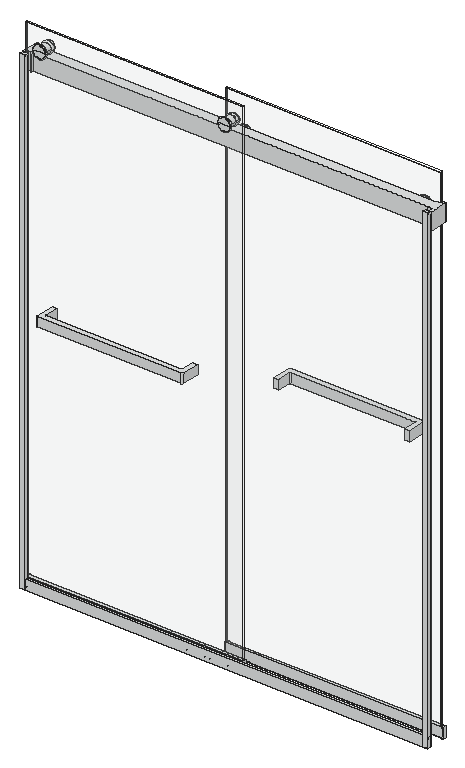
Revit family "Shower-Shower_Door-KOHLER-Levity-K-706018", category Specialty Equipment, host Face, Revit 2015
Parameters (values of type "SHP-Bright Polished Silver")
  Width [instance] = 59 5/8"
  Walk Through [instance] = Width - 32 1/16"  # 27 9/16"
  URL = "https://www.us.kohler.com/us/"
  Type = 1
  Product Page URL = "http://www.us.kohler.com/us/catalog/productDetails.jsp?productNumber=706018-L"
  Product Name = "Levity"  # constant formula
  Product Documentation Link = "http://www.us.kohler.com/onlinecatalog/pdf/K-706018-L_spec.pdf"
  Model = if(Type = 1, "K-706018-L-SHP", if(Type = 2, "K-706018-L-NX", if(Type = 3, "K-706018-L-ABV", "NA")))  # "K-706018-L-SHP"
  Material = "Anodized Aluminum"  # constant formula
  MasterFormat 2004 = "10.28.13"  # constant formula
  MasterFormat 1995 = "10820"  # constant formula
  Manufacturer Address = "444 Highland Dr, Kohler, WI 53044"  # constant formula
  Manufacturer = "KOHLER Co."  # constant formula
  Length = 3 3/16"  # constant formula
  Height = 74"  # constant formula
  Finish = Kohler-Metal-SHP-Bright_Polished_Silver
  Environmental Product Declaration = ""
  Description = "Sliding shower door, 74 Inch H x 56-5/8 - 59-5/8 Inch W, with 3/8 Inch thick Crystal Clear glass and square towel bar"  # constant formula
  Default Elevation = 0"
  Declare Label = ""
  Date Modified = "1/8/2019"  # constant formula
  Date Created = "1/8/2019"  # constant formula
  Copyright = "Copyright KOHLER Co."  # constant formula
  Contact Us = "https://www.us.kohler.com/us/static/contact.jsp"
  Assembly Code = "C1030200"
  ADA Compliant = 1 = 0  # no
Reference planes (in)
  plane 1 "Center (Front/Back)": y = 0
  plane 2: z = 0
  plane 3 "Center (Left/Right)": x = 0
  plane 4: z = 74
  plane 5: y = 2.75
  plane 6: y = 5.9375
  plane 7: z = 70
  plane 8: z = 67.5
  plane 9: x = -28.3125
  plane 10: x = 31.3125
  plane 11: x = 3.75
  plane 12: y = 8.6875
  plane 13: y = 4.34375
Dimensions and locks (in)
  "Height": plane 4 to level
  "Length": plane 6 to plane 5
  plane 8 to level = 67 1/2"
  plane 7 to plane 8 = 2 1/2"
  plane 7 to level = 70"
  "Width": plane 10 to plane 9
  "Walk Through": plane 10 to plane 11
  plane 11 to plane 9 = 32 1/16"
  plane 5 to plane 1 "Center (Front/Back)" = 2 3/4"
  plane 12 to plane 6 = 2 3/4"
  aligned and locked: plane 2 to host face
  aligned and locked: level to host face
Automatic sketch dimensions
  host sketch curve to host sketch curve = 96"  (x2)
Nested families (in)
  nested 1: "K-706018" at (1.85417, 1.11048, 0), type "K-706018"
Definition of nested family "K-706018"
  Parameters (values of type "K-706018")
    Width = 59 5/8"
    Material = none
  Reference planes (in)
    plane 1 "Center (Front/Back)": y = 0
    plane 2: z = 0
    plane 3 "Center (Left/Right)": x = 0
    plane 4: x = -30.16667
    plane 5: x = 29.45833
    plane 6: y = 1.63952
    plane 7: y = -1.11048
    plane 8: y = 4.45202
    plane 9: y = 4.82702
    plane 10: y = 2.61256
    plane 11: y = 2.23756
    plane 12: y = 3.23327
    plane 13: y = 7.57702
    plane 14: z = 74
    plane 15: x = 1.875
  Forms (in)
    Extrusion 1, solid, material <- "Material", detail levels medium+fine
      sketch origin (0, 0, 0) x (1, 0, 0) y (0, 1, 0)
        loop
          line (29.45833, 2.07237) -> (-29.51281, 2.07237) -> (-29.51281, 1.63952) -> (29.45833, 1.63952) -> (29.45833, 2.07237)
      from 0 to 1.45779
    Extrusion 2, solid, detail levels medium+fine
      sketch origin (0, -0.43154, 0) x (1, 0, 0) y (0, 1, 0)
        loop
          arc (1.875, 3.00327) -> (1.86846, 3.01906) -> (1.85268, 3.02559) r 0.02232
          line (1.85268, 3.02559) -> (-29.81764, 3.02559)
          arc (-29.81764, 3.02559) -> (-29.83197, 3.01966) -> (-29.83791, 3.00533) r 0.02026
          line (-29.83791, 3.00533) -> (-29.83791, 2.68948)
          arc (-29.83791, 2.68948) -> (-29.83194, 2.67507) -> (-29.81752, 2.6691) r 0.02038
          line (-29.81752, 2.6691) -> (1.85273, 2.6691)
          arc (1.85273, 2.6691) -> (1.86848, 2.67562) -> (1.875, 2.69137) r 0.02227
          line (1.875, 2.69137) -> (1.875, 3.00327)
      from 0.81374 to 74
    Extrusion 3, solid, detail levels medium+fine
      sketch origin (0, 0, 0) x (1, 0, 0) y (0, 1, 0)
        loop
          line (29.11702, 4.80944) -> (-2.39152, 4.80944)
          arc (-2.39152, 4.80944) -> (-2.40669, 4.80316) -> (-2.41297, 4.788) r 0.02145
          line (-2.41297, 4.788) -> (-2.41297, 4.47524)
          arc (-2.41297, 4.47524) -> (-2.40617, 4.45882) -> (-2.38975, 4.45202) r 0.02322
          line (-2.38975, 4.45202) -> (29.1176, 4.45202)
          arc (29.1176, 4.45202) -> (29.13297, 4.45839) -> (29.13933, 4.47376) r 0.02173
          line (29.13933, 4.47376) -> (29.13933, 4.78713)
          arc (29.13933, 4.78713) -> (29.13279, 4.80291) -> (29.11702, 4.80944) r 0.02231
      from 0.063 to 74
    Revolve 4, solid, material <- "Material", detail levels medium+fine
      sketch origin (0, 0, 68.86704) x (1, 0, 0) y (0, 1, 0)
        loop
          line (0.03819, 5.03487) -> (0.03819, 3.99088) -> (0.70065, 3.99088) -> (0.70065, 4.82787) -> (0.93533, 4.82787) -> (0.97565, 4.86818) -> (0.97565, 4.99455) -> (0.93533, 5.03487) -> (0.03819, 5.03487)
        axis (0.03819, 3.99088) -> (0.03819, 5.03487)
      angle from 0 to 360
    Revolve 5, solid, material <- "Material", detail levels medium+fine
      sketch origin (26.6449, 0, 68.86704) x (1, 0, 0) y (0, 1, 0)
        loop
          line (-0.31598, 5.03096) -> (-0.31598, 4.11588) -> (0.34648, 4.11588) -> (0.34648, 4.82396) -> (0.58117, 4.82396) -> (0.62148, 4.86427) -> (0.62148, 4.99065) -> (0.58117, 5.03096) -> (-0.31598, 5.03096)
        axis (-0.31598, 4.11588) -> (-0.31598, 5.03096)
      angle from 0 to 360
    Revolve 6, solid, material <- "Material", detail levels medium+fine
      sketch origin (0.05628, 0, 70.84681) x (1, 0, 0) y (0, 1, 0)
        loop
          line (-27.69881, 2.03059) -> (-27.69881, 4.00452) -> (-28.35881, 4.00452) -> (-28.40027, 3.96306) -> (-28.40211, 3.75579)
          arc (-28.40211, 3.75579) -> (-28.39643, 3.7412) -> (-28.38226, 3.73456) r 0.02108
          line (-28.38226, 3.73456) -> (-28.44529, 3.73456)
          arc (-28.44529, 3.73456) -> (-28.51064, 3.54706) -> (-28.44529, 3.35956) r 0.30166
          line (-28.44529, 3.35956) -> (-28.24517, 3.35956) -> (-28.24517, 3.27877) -> (-28.35881, 3.27877) -> (-28.35881, 2.23759) -> (-28.59596, 2.23759) -> (-28.63627, 2.19729) -> (-28.63627, 2.07089) -> (-28.59596, 2.03059) -> (-27.69881, 2.03059)
        axis (-27.69881, 4.00452) -> (-27.69881, 2.03059)
      angle from 0 to 360
    Extrusion 7, solid, material <- "Material", detail levels medium+fine
      sketch origin (-1.5, 0, -15) x (1, 0, 0) y (0, 1, 0)
        loop
          line (25.584, 7.57702) -> (6.25, 7.57702)
          arc (6.25, 7.57702) -> (6.07322, 7.5038) -> (6, 7.32702) r 0.25
          line (6, 7.32702) -> (6, 4.61588) -> (6.709, 4.61588) -> (6.709, 6.56921)
          arc (6.709, 6.56921) -> (6.75934, 6.69074) -> (6.88087, 6.74108) r 0.17188
          line (6.88087, 6.74108) -> (24.95256, 6.74108)
          arc (24.95256, 6.74108) -> (25.07449, 6.69058) -> (25.125, 6.56864) r 0.17244
          line (25.125, 6.56864) -> (25.125, 4.61588) -> (25.834, 4.61588) -> (25.834, 7.32702)
          arc (25.834, 7.32702) -> (25.76078, 7.5038) -> (25.584, 7.57702) r 0.25
      from 53.38061 to 52.04377
    Extrusion 8, solid, material <- "Material", detail levels medium+fine
      sketch origin (0, 0, -15) x (1, 0, 0) y (0, 1, 0)
        loop
          line (-25.58134, 1.82702) -> (-25.58134, -0.86048)
          arc (-25.58134, -0.86048) -> (-25.50811, -1.03726) -> (-25.33134, -1.11048) r 0.25
          line (-25.33134, -1.11048) -> (-4.49734, -1.11048)
          arc (-4.49734, -1.11048) -> (-4.32056, -1.03726) -> (-4.24734, -0.86048) r 0.25
          line (-4.24734, -0.86048) -> (-4.24734, 1.63952) -> (-4.95634, 1.63952) -> (-4.95634, -0.12574)
          arc (-4.95634, -0.12574) -> (-5.00684, -0.24768) -> (-5.12877, -0.29818) r 0.17244
          line (-5.12877, -0.29818) -> (-24.70046, -0.29818)
          arc (-24.70046, -0.29818) -> (-24.82199, -0.24784) -> (-24.87234, -0.12631) r 0.17188
          line (-24.87234, -0.12631) -> (-24.87234, 1.82702) -> (-25.58134, 1.82702)
      from 52.04377 to 53.38061
    Revolve 9, solid, material <- "Material", detail levels medium+fine
      sketch origin (27.0368, 0, 70.84584) x (1, 0, 0) y (0, 1, 0)
        loop
          line (-27.69881, 2.03059) -> (-27.69881, 4.00452) -> (-28.35881, 4.00452) -> (-28.40027, 3.96306) -> (-28.40211, 3.75579)
          arc (-28.40211, 3.75579) -> (-28.39643, 3.7412) -> (-28.38226, 3.73456) r 0.02108
          line (-28.38226, 3.73456) -> (-28.44529, 3.73456)
          arc (-28.44529, 3.73456) -> (-28.51064, 3.54706) -> (-28.44529, 3.35956) r 0.30166
          line (-28.44529, 3.35956) -> (-28.24517, 3.35956) -> (-28.24517, 3.27877) -> (-28.35881, 3.27877) -> (-28.35881, 2.23759) -> (-28.59596, 2.23759) -> (-28.63627, 2.19729) -> (-28.63627, 2.07089) -> (-28.59596, 2.03059) -> (-27.69881, 2.03059)
        axis (-27.69881, 4.00452) -> (-27.69881, 2.03059)
      angle from 0 to 360
    Extrusion 10, solid, material <- "Material", detail levels medium+fine
      sketch origin (0, 0, 0) x (0, 1, 0) y (0, 0, 1)
        loop
          line (4.67077, 0.063) -> (2.48643, 0.063)
          arc (2.48643, 0.063) -> (2.44521, 0.08007) -> (2.42814, 0.12129) r 0.05829
          line (2.42814, 0.12129) -> (2.42814, 0.538) -> (2.36514, 0.538) -> (2.36514, 0.12188)
          arc (2.36514, 0.12188) -> (2.3479, 0.08024) -> (2.30627, 0.063) r 0.05888
          line (2.30627, 0.063) -> (1.97837, 0.063)
          arc (1.97837, 0.063) -> (1.96428, 0.06883) -> (1.95845, 0.08292) r 0.01992
          line (1.95845, 0.08292) -> (1.95845, 0.15625) -> (1.89545, 0.15625) -> (1.89545, 0.02003)
          arc (1.89545, 0.02003) -> (1.90132, 0.00587) -> (1.91548, 0) r 0.02003
          line (1.91548, 0) -> (4.71551, 0)
          arc (4.71551, 0) -> (4.73027, 0.00612) -> (4.73639, 0.02088) r 0.02088
          line (4.73639, 0.02088) -> (4.73639, 0.538) -> (4.67077, 0.538) -> (4.67077, 0.063)
      from -1.49976 to 0.75757
    Extrusion 11, solid, material <- "Material", detail levels medium+fine
      sketch origin (0, 0.625, 0) x (0, 1, 0) y (0, 0, 1)
        loop
          line (4.20202, 0.02016) -> (4.20202, 1.46807)
          arc (4.20202, 1.46807) -> (4.19618, 1.48218) -> (4.18206, 1.48802) r 0.01996
          line (4.18206, 1.48802) -> (3.80049, 1.48802)
          arc (3.80049, 1.48802) -> (3.78629, 1.48214) -> (3.78041, 1.46794) r 0.02008
          line (3.78041, 1.46794) -> (3.78041, 0.01961)
          arc (3.78041, 0.01961) -> (3.78616, 0.00574) -> (3.80002, 0) r 0.01961
          line (3.80002, 0) -> (4.18186, 0)
          arc (4.18186, 0) -> (4.19612, 0.00591) -> (4.20202, 0.02016) r 0.02016
      from -2.4325 to 29.45833
    Extrusion 12, solid, material <- "Material", detail levels medium+fine
      sketch origin (0, -1.56831, 0) x (0, 1, 0) y (0, 0, 1)
        loop
          line (4.30041, 0.08316) -> (4.30041, 1.46807)
          arc (4.30041, 1.46807) -> (4.29456, 1.48218) -> (4.28045, 1.48802) r 0.01996
          line (4.28045, 1.48802) -> (3.80049, 1.48802)
          arc (3.80049, 1.48802) -> (3.78629, 1.48214) -> (3.78041, 1.46794) r 0.02008
          line (3.78041, 1.46794) -> (3.78041, 0.08261)
          arc (3.78041, 0.08261) -> (3.78616, 0.06874) -> (3.80002, 0.063) r 0.01961
          line (3.80002, 0.063) -> (4.28025, 0.063)
          arc (4.28025, 0.063) -> (4.29451, 0.06891) -> (4.30041, 0.08316) r 0.02016
      from -29.8685 to 1.93513
    Extrusion 13, solid, material <- "Material", detail levels coarse
      sketch origin (0, 0, 0) x (1, 0, 0) y (0, 1, 0)
        loop
          line (-30.16667, 2.23756) -> (29.45833, 2.23756) -> (29.45833, 4.45202) -> (-30.16667, 4.45202) -> (-30.16667, 2.23756)
      from 67.5 to 70
    Extrusion 14, solid, detail levels coarse
      sketch origin (0, 0, 0) x (1, 0, 0) y (0, 1, 0)
        loop
          line (-2.41105, 4.82702) -> (-2.41105, 4.45202) -> (29.45833, 4.45202) -> (29.45833, 4.82702) -> (-2.41105, 4.82702)
      from 0 to 74
    Extrusion 15, solid, material <- "Material", detail levels coarse
      sketch origin (0, 0, 0) x (1, 0, 0) y (0, 1, 0)
        loop
          line (-30.16667, 2.23756) -> (-30.16667, 1.63952) -> (-29.44753, 1.63952) -> (-29.44753, 2.23756) -> (-30.16667, 2.23756)
      from 0 to 70
    Extrusion 16, solid, material <- "Material", detail levels coarse
      sketch origin (-0.75, 0, 0) x (-1, 0, 0) y (0, -1, 0)
        loop
          line (-30.20833, -2.23756) -> (-29.46836, -2.23756) -> (-29.46836, -1.63952) -> (-30.20833, -1.63952) -> (-30.20833, -2.23756)
      from 0 to 70
    Extrusion 17, solid, material <- "Material", detail levels coarse
      sketch origin (0, 0, 0) x (1, 0, 0) y (0, 1, 0)
        loop
          line (-29.44788, 2.18456) -> (-29.44788, 1.63952) -> (28.71836, 1.63952) -> (28.71836, 2.18456) -> (-29.44788, 2.18456)
      from 0 to 4.38805
    Extrusion 18, solid, detail levels coarse
      sketch origin (0, 0, 0) x (1, 0, 0) y (0, 1, 0)
        loop
          line (-29.8685, 2.25794) -> (1.875, 2.25794) -> (1.875, 2.61256) -> (-29.8685, 2.61256) -> (-29.8685, 2.25794)
      from 0.81374 to 74
    Extrusion 19, solid, material <- "Material", detail levels coarse
      sketch origin (0, 0, 0) x (0, 1, 0) y (0, 0, 1)
        loop
          line (4.82702, 1.46807) -> (4.35866, 1.46807) -> (4.35866, 0) -> (4.82702, 0) -> (4.82702, 1.46807)
      from -2.4325 to 29.45833
    Extrusion 20, solid, material <- "Material", detail levels coarse
      sketch origin (0, 0, 0) x (0, 1, 0) y (0, 0, 1)
        loop
          line (2.23756, 1.48802) -> (2.23756, 0) -> (2.75756, 0) -> (2.75756, 1.48802) -> (2.23756, 1.48802)
      from -30.16667 to 1.875
    Extrusion 21, solid, material <- "Material", detail levels coarse
      sketch origin (0, 0, 0) x (0, 1, 0) y (0, 0, 1)
        loop
          line (4.67077, 0.063) -> (2.48643, 0.063) -> (2.48643, 0) -> (4.67077, 0) -> (4.67077, 0.063)
      from -1.49976 to 1.40794
    Extrusion 22, solid, material <- "Material", detail levels medium+fine
      sketch origin (0, 0, 0) x (1, 0, 0) y (0, 1, 0)
        loop
          line (-30.16667, 4.75927) -> (-30.16667, 2.21369)
          arc (-30.16667, 2.21369) -> (-30.15814, 2.19309) -> (-30.13754, 2.18456) r 0.02913
          line (-30.13754, 2.18456) -> (-29.89508, 2.18456)
          arc (-29.89508, 2.18456) -> (-29.87628, 2.19235) -> (-29.8685, 2.21114) r 0.02658
          line (-29.8685, 2.21114) -> (-29.8685, 2.59177)
          arc (-29.8685, 2.59177) -> (-29.86241, 2.60647) -> (-29.84771, 2.61256) r 0.02079
          line (-29.84771, 2.61256) -> (-29.34342, 2.61256)
          arc (-29.34342, 2.61256) -> (-29.26115, 2.64664) -> (-29.22707, 2.72891) r 0.11635
          line (-29.22707, 2.72891) -> (-29.22707, 2.90756) -> (28.52262, 2.90756) -> (28.52262, 2.79182)
          arc (28.52262, 2.79182) -> (28.53388, 2.76465) -> (28.56106, 2.75339) r 0.03844
          line (28.56106, 2.75339) -> (29.10922, 2.75339)
          arc (29.10922, 2.75339) -> (29.12978, 2.74487) -> (29.1383, 2.72431) r 0.02908
          line (29.1383, 2.72431) -> (29.1383, 2.21552)
          arc (29.1383, 2.21552) -> (29.14746, 2.19346) -> (29.16954, 2.18437) r 0.03115
          line (29.16954, 2.18437) -> (29.42966, 2.18508)
          arc (29.42966, 2.18508) -> (29.44994, 2.19353) -> (29.45833, 2.21383) r 0.02875
          line (29.45833, 2.21383) -> (29.45833, 4.79858)
          arc (29.45833, 4.79858) -> (29.45, 4.81869) -> (29.42989, 4.82702) r 0.02844
          line (29.42989, 4.82702) -> (29.17042, 4.82702)
          arc (29.17042, 4.82702) -> (29.14844, 4.81791) -> (29.13933, 4.79593) r 0.03109
          line (29.13933, 4.79593) -> (29.13933, 4.47349)
          arc (29.13933, 4.47349) -> (29.13304, 4.45831) -> (29.11786, 4.45202) r 0.02147
          line (29.11786, 4.45202) -> (28.59821, 4.45202)
          arc (28.59821, 4.45202) -> (28.54476, 4.42988) -> (28.52262, 4.37643) r 0.07559
          line (28.52262, 4.37643) -> (28.52262, 4.26706) -> (-29.22707, 4.26706) -> (-29.22707, 4.39814)
          arc (-29.22707, 4.39814) -> (-29.24285, 4.43624) -> (-29.28095, 4.45202) r 0.05388
          line (-29.28095, 4.45202) -> (-29.84767, 4.45202) -> (-29.84767, 4.75581)
          arc (-29.84767, 4.75581) -> (-29.85646, 4.77702) -> (-29.87767, 4.78581) r 0.03
          line (-29.87767, 4.78581) -> (-30.14013, 4.78581)
          arc (-30.14013, 4.78581) -> (-30.1589, 4.77804) -> (-30.16667, 4.75927) r 0.02654
      from 67.5 to 70
    Extrusion 23, solid, material <- "Material", detail levels medium+fine
      sketch origin (0, 0, 0) x (1, 0, 0) y (0, 1, 0)
        loop
          arc (28.72004, 2.18313) -> (28.70474, 2.17675) -> (28.6984, 2.16143) r 0.0217
          line (28.6984, 2.16143) -> (28.6984, 1.65941)
          arc (28.6984, 1.65941) -> (28.70423, 1.64535) -> (28.71829, 1.63952) r 0.01989
          line (28.71829, 1.63952) -> (29.43813, 1.63952)
          arc (29.43813, 1.63952) -> (29.45241, 1.64544) -> (29.45833, 1.65972) r 0.0202
          line (29.45833, 1.65972) -> (29.45833, 2.16519)
          arc (29.45833, 2.16519) -> (29.45248, 2.17929) -> (29.43836, 2.18511) r 0.01992
          line (29.43836, 2.18511) -> (28.72004, 2.18313)
        loop
          line (-29.4275, 1.65929) -> (-29.4275, 2.16425)
          arc (-29.4275, 2.16425) -> (-29.43345, 2.17861) -> (-29.44781, 2.18456) r 0.02031
          line (-29.44781, 2.18456) -> (-30.14129, 2.18456)
          arc (-30.14129, 2.18456) -> (-30.15924, 2.17713) -> (-30.16667, 2.15919) r 0.02538
          line (-30.16667, 2.15919) -> (-30.16667, 1.6593)
          arc (-30.16667, 1.6593) -> (-30.16088, 1.64532) -> (-30.14689, 1.63952) r 0.01978
          line (-30.14689, 1.63952) -> (-29.44726, 1.63952)
          arc (-29.44726, 1.63952) -> (-29.43329, 1.64531) -> (-29.4275, 1.65929) r 0.01976
      from 0 to 70
    Extrusion 24, solid, material <- "Material", detail levels coarse
      sketch origin (0, 0, 0) x (1, 0, 0) y (0, 1, 0)
        loop
          line (5.209, 6.86608) -> (23.625, 6.86608) -> (23.625, 4.61588) -> (24.334, 4.61588) -> (24.334, 7.69329) -> (4.5, 7.69329) -> (4.5, 4.61588) -> (5.209, 4.61588) -> (5.209, 6.86608)
      from 34.92214 to 38.38061
    Extrusion 25, solid, material <- "Material", detail levels coarse
      sketch origin (0, 0, 0) x (1, 0, 0) y (0, 1, 0)
        loop
          line (-4.95634, -0.42318) -> (-24.87234, -0.42318) -> (-24.87234, 1.82702) -> (-25.58134, 1.82702) -> (-25.58134, -1.25039) -> (-4.24734, -1.25039) -> (-4.24734, 1.63952) -> (-4.95634, 1.63952) -> (-4.95634, -0.42318)
      from 34.92214 to 38.38061
    Extrusion 26, solid, material <- "Material", detail levels coarse
      sketch origin (0, 0, 0) x (1, 0, 0) y (0, 0, 1)
        loop
          circle (-27.64254, 70.84681) r 0.75
        loop
          circle (-0.66201, 70.84681) r 0.75
      from -4.00452 to -2.03059
    Extrusion 27, solid, material <- "Material", detail levels coarse
      sketch origin (0, 0, 0) x (1, 0, 0) y (0, 0, 1)
        loop
          circle (0.03819, 68.86704) r 0.89715
        loop
          circle (26.32892, 68.86704) r 0.89715
      from -5.03487 to -4.11588
  Cuts and joins
    joined: Extrusion 13, Extrusion 15, Extrusion 16, Extrusion 17, Extrusion 19, Extrusion 20, Extrusion 21, Extrusion 24, Extrusion 25, Extrusion 26, Extrusion 27
    joined: Extrusion 14, Extrusion 18
    joined: Extrusion 1, Revolve 4, Revolve 5, Revolve 6, Extrusion 7, Extrusion 8, Revolve 9, Extrusion 10, Extrusion 11, Extrusion 12, Extrusion 22
    joined: Extrusion 2, Extrusion 3
  Lines and regions (in)
    Masking region 1
      outline origin (0, 0, 0) x (1, 0, 0) y (0, 0, 1)
        loop
          line (-29.8685, 74) -> (-29.8685, 70) -> (-30.16667, 70) -> (-30.16667, 0) -> (29.45833, 0) -> (29.45833, 70) -> (29.38152, 70) -> (29.38152, 74) -> (-29.8685, 74)
    Masking region 2
      outline origin (0, 0, 0) x (0, 1, 0) y (0, 0, 1)
        loop
          line (4.82702, 37.04377) -> (7.57702, 37.04377) -> (7.57702, 38.38061) -> (4.82702, 38.38061) -> (4.82702, 67.97074) -> (4.86541, 67.93235) -> (4.9955, 67.93235) -> (5.03571, 67.97256) -> (5.03571, 69.7665) -> (4.99543, 69.80677) -> (4.86483, 69.80677) -> (4.82702, 69.76896) -> (4.82702, 74) -> (4.45202, 74) -> (4.45202, 70) -> (3.48787, 70) -> (2.61256, 70) -> (2.61256, 70.18642) -> (3.27877, 70.18642) -> (3.27877, 70.30046) -> (3.35956, 70.30046) -> (3.35956, 70.10034)
          arc (3.35956, 70.10034) -> (3.54706, 70.03426) -> (3.73456, 70.10034) r 0.29905
          line (3.73456, 70.10034) -> (3.73456, 70.16058)
          arc (3.73456, 70.16058) -> (3.74287, 70.14792) -> (3.7572, 70.14301) r 0.02337
          line (3.7572, 70.14301) -> (3.96306, 70.14301) -> (4.00452, 70.18486) -> (4.00452, 71.50681) -> (3.96306, 71.54827) -> (3.75779, 71.55017)
          arc (3.75779, 71.55017) -> (3.74244, 71.54457) -> (3.73456, 71.53025) r 0.02326
          line (3.73456, 71.53025) -> (3.73456, 71.59329)
          arc (3.73456, 71.59329) -> (3.54706, 71.65765) -> (3.35956, 71.59329) r 0.30528
          line (3.35956, 71.59329) -> (3.35956, 71.39317) -> (3.27877, 71.39317) -> (3.27877, 71.50681) -> (2.61256, 71.50681) -> (2.61256, 74) -> (2.23756, 74) -> (2.23756, 71.74392) -> (2.19726, 71.78422) -> (2.07085, 71.78422) -> (2.03059, 71.74396) -> (2.03059, 70) -> (1.63952, 70) -> (1.63952, 38.38061) -> (-1.11048, 38.38061) -> (-1.11048, 37.04377) -> (1.63952, 37.04377) -> (1.63952, 0) -> (2.15183, 0) -> (3.56918, 0) -> (4.82702, 0) -> (4.82702, 37.04377)
    Masking region 3
      outline origin (0, 0, 0) x (1, 0, 0) y (0, 1, 0)
        loop
          line (-29.22707, 4.26706) -> (-29.22707, 4.42181)
          arc (-29.22707, 4.42181) -> (-29.23592, 4.44317) -> (-29.25728, 4.45202) r 0.03021
          line (-29.25728, 4.45202) -> (-29.81796, 4.45202)
          arc (-29.81796, 4.45202) -> (-29.83897, 4.46072) -> (-29.84767, 4.48173) r 0.02971
          line (-29.84767, 4.48173) -> (-29.84767, 4.75674)
          arc (-29.84767, 4.75674) -> (-29.85618, 4.7773) -> (-29.87674, 4.78581) r 0.02907
          line (-29.87674, 4.78581) -> (-30.13826, 4.78581)
          arc (-30.13826, 4.78581) -> (-30.15835, 4.77749) -> (-30.16667, 4.7574) r 0.02841
          line (-30.16667, 4.7574) -> (-30.16667, 2.21403)
          arc (-30.16667, 2.21403) -> (-30.15981, 2.19493) -> (-30.14237, 2.18456) r 0.03002
          arc (-30.14237, 2.18456) -> (-30.15969, 2.17587) -> (-30.16667, 2.1578) r 0.02689
          line (-30.16667, 2.1578) -> (-30.16667, 1.65937)
          arc (-30.16667, 1.65937) -> (-30.16086, 1.64533) -> (-30.14682, 1.63952) r 0.01985
          line (-30.14682, 1.63952) -> (-25.5605, 1.63952) -> (-25.5605, -0.86048)
          arc (-25.5605, -0.86048) -> (-25.48728, -1.03726) -> (-25.3105, -1.11048) r 0.25
          line (-25.3105, -1.11048) -> (-4.4765, -1.11048)
          arc (-4.4765, -1.11048) -> (-4.29973, -1.03726) -> (-4.2265, -0.86048) r 0.25
          line (-4.2265, -0.86048) -> (-4.2265, 1.63952) -> (29.43848, 1.63952)
          arc (29.43848, 1.63952) -> (29.45252, 1.64533) -> (29.45833, 1.65937) r 0.01985
          line (29.45833, 1.65937) -> (29.45833, 2.16416)
          arc (29.45833, 2.16416) -> (29.45241, 2.17844) -> (29.43813, 2.18436) r 0.0202
          arc (29.43813, 2.18436) -> (29.45283, 2.19672) -> (29.45833, 2.21513) r 0.03353
          line (29.45833, 2.21513) -> (29.45833, 4.79754)
          arc (29.45833, 4.79754) -> (29.4497, 4.81839) -> (29.42885, 4.82702) r 0.02948
          line (29.42885, 4.82702) -> (29.17036, 4.82702)
          arc (29.17036, 4.82702) -> (29.15144, 4.82107) -> (29.13933, 4.80537) r 0.03306
          arc (29.13933, 4.80537) -> (29.13299, 4.82068) -> (29.11768, 4.82702) r 0.02165
          line (29.11768, 4.82702) -> (27.22913, 4.82702) -> (27.26638, 4.86427) -> (27.26638, 4.99065) -> (27.22607, 5.03096) -> (25.43177, 5.03096) -> (25.39145, 4.99065) -> (25.39145, 4.86427) -> (25.4287, 4.82702) -> (24.334, 4.82702) -> (24.334, 7.32702)
          arc (24.334, 7.32702) -> (24.26078, 7.5038) -> (24.084, 7.57702) r 0.25
          line (24.084, 7.57702) -> (4.75, 7.57702)
          arc (4.75, 7.57702) -> (4.57322, 7.5038) -> (4.5, 7.32702) r 0.25
          line (4.5, 7.32702) -> (4.5, 4.82702) -> (0.93449, 4.82702) -> (0.97565, 4.86818) -> (0.97565, 4.99455) -> (0.93533, 5.03487) -> (-0.85896, 5.03487) -> (-0.89928, 4.99455) -> (-0.89928, 4.86818) -> (-0.85812, 4.82702) -> (-2.39022, 4.82702)
          arc (-2.39022, 4.82702) -> (-2.40539, 4.82074) -> (-2.41167, 4.80558) r 0.02145
          line (-2.41167, 4.80558) -> (-2.41167, 4.47524)
          arc (-2.41167, 4.47524) -> (-2.40487, 4.45882) -> (-2.38845, 4.45202) r 0.02322
          line (-2.38845, 4.45202) -> (-1.47893, 4.45202) -> (-1.47893, 4.26706) -> (-29.22707, 4.26706)
        loop
          line (-4.95634, 1.63952) -> (-24.87234, 1.63952) -> (-24.87234, -0.12631)
          arc (-24.87234, -0.12631) -> (-24.82199, -0.24784) -> (-24.70046, -0.29818) r 0.17188
          line (-24.70046, -0.29818) -> (-5.12877, -0.29818)
          arc (-5.12877, -0.29818) -> (-5.00684, -0.24768) -> (-4.95634, -0.12574) r 0.17244
          line (-4.95634, -0.12574) -> (-4.95634, 1.63952)
        loop
          line (23.64583, 4.82702) -> (23.64583, 6.56864)
          arc (23.64583, 6.56864) -> (23.59532, 6.69058) -> (23.47339, 6.74108) r 0.17244
          line (23.47339, 6.74108) -> (5.38087, 6.74108)
          arc (5.38087, 6.74108) -> (5.25934, 6.69074) -> (5.209, 6.56921) r 0.17188
          line (5.209, 6.56921) -> (5.209, 4.82702) -> (23.64583, 4.82702)
    symbolic lines, detail levels medium+fine
      curve 1: line (-4.2265, 1.63952, 0) -> (-4.95634, 1.63952, 0)
      curve 2: line (-1.47893, 4.45202, 0) -> (29.1176, 4.45202, 0)
      curve 3: line (29.13933, 4.47376, 0) -> (29.13933, 4.80537, 0)
      curve 4: arc (29.1176, 4.45202, 0) -> (29.13297, 4.45839, 0) -> (29.13933, 4.47376, 0) r 0.02173
      curve 5: line (28.52262, 4.26706, 0) -> (-1.47893, 4.26706, 0)
      curve 6: line (0.70065, 4.26706, 0) -> (0.70065, 4.45202, 0)
      curve 7: line (-0.85812, 4.82702, 0) -> (0.93449, 4.82702, 0)
      curve 8: line (25.4287, 4.82702, 0) -> (27.22913, 4.82702, 0)
      curve 9: line (28.52262, 4.37376, 0) -> (28.52262, 4.26706, 0)
      curve 10: line (29.1383, 2.72649, 0) -> (29.1383, 2.21327, 0)
      curve 11: line (28.56106, 2.75339, 0) -> (29.11141, 2.75339, 0)
      curve 12: line (28.52262, 2.90756, 0) -> (28.52262, 2.79182, 0)
      curve 13: line (-29.22707, 2.90756, 0) -> (-28.30254, 2.90756, 0)
      curve 14: arc (28.52262, 2.79182, 0) -> (28.53388, 2.76465, 0) -> (28.56106, 2.75339, 0) r 0.03844
      curve 15: arc (29.11141, 2.75339, 0) -> (29.13042, 2.74551, 0) -> (29.1383, 2.72649, 0) r 0.0269
      curve 16: arc (29.1383, 2.21327, 0) -> (29.14677, 2.19283, 0) -> (29.16721, 2.18436, 0) r 0.02891
      curve 17: line (24.334, 4.82702, 0) -> (23.64583, 4.82702, 0)
      curve 18: line (-29.22707, 2.72642, 0) -> (-29.22707, 2.90756, 0)
      curve 19: arc (-29.34093, 2.61256, 0) -> (-29.26042, 2.64591, 0) -> (-29.22707, 2.72642, 0) r 0.11386
      curve 20: line (1.85268, 2.61256, 0) -> (-29.84824, 2.61256, 0)
      curve 21: line (-29.8685, 2.5923, 0) -> (-29.8685, 2.21286, 0)
      curve 22: arc (-29.84824, 2.61256, 0) -> (-29.86257, 2.60663, 0) -> (-29.8685, 2.5923, 0) r 0.02026
      curve 23: arc (-29.8968, 2.18456, 0) -> (-29.87679, 2.19285, 0) -> (-29.8685, 2.21286, 0) r 0.0283
      curve 24: line (-29.84812, 2.23756, 0) -> (1.85273, 2.23756, 0)
      curve 25: arc (-29.8685, 2.25794, 0) -> (-29.86253, 2.24353, 0) -> (-29.84812, 2.23756, 0) r 0.02038
      curve 26: line (-29.44788, 2.18456, 0) -> (-30.14237, 2.18456, 0)
      curve 27: arc (-29.4275, 2.16418, 0) -> (-29.43347, 2.17859, 0) -> (-29.44788, 2.18456, 0) r 0.02038
      curve 28: line (-29.4275, 1.65929, 0) -> (-29.4275, 2.16418, 0)
      curve 29: line (28.6984, 2.07237, 0) -> (-29.4275, 2.07237, 0)
      curve 30: line (1.875, 2.25983, 0) -> (1.875, 2.59024, 0)
      curve 31: arc (1.875, 2.59024, 0) -> (1.86846, 2.60602, 0) -> (1.85268, 2.61256, 0) r 0.02232
      curve 32: arc (1.85273, 2.23756, 0) -> (1.86848, 2.24408, 0) -> (1.875, 2.25983, 0) r 0.02227
      curve 33: line (29.43813, 2.18436, 0) -> (28.71867, 2.18436, 0)
      curve 34: line (28.6984, 2.16409, 0) -> (28.6984, 1.65941, 0)
      curve 35: arc (28.71867, 2.18436, 0) -> (28.70434, 2.17842, 0) -> (28.6984, 2.16409, 0) r 0.02027
      curve 36: line (-28.57999, 2.19729, 0) -> (-28.57999, 2.07237, 0)
      curve 37: line (-28.57999, 2.19729, 0) -> (-28.53972, 2.23756, 0)
      curve 38: line (-26.70509, 2.19729, 0) -> (-26.70509, 2.07237, 0)
      curve 39: line (-26.70509, 2.19729, 0) -> (-26.74536, 2.23756, 0)
      curve 40: line (-28.30254, 3.27877, 0) -> (-28.30254, 2.61256, 0)
      curve 41: line (-28.57999, 2.07237, 0) -> (-28.53821, 2.03059, 0)
      curve 42: line (-28.53821, 2.03059, 0) -> (-26.74539, 2.03059, 0)
      curve 43: line (-26.74539, 2.03059, 0) -> (-26.70509, 2.07237, 0)
      curve 44: line (-26.98254, 3.27877, 0) -> (-26.98254, 2.61256, 0)
      curve 45: line (-28.1889, 3.27877, 0) -> (-28.1889, 3.35956, 0)
      curve 46: line (-28.1889, 3.27877, 0) -> (-28.30254, 3.27877, 0)
      curve 47: line (-28.38901, 3.35956, 0) -> (-28.1889, 3.35956, 0)
      curve 48: line (-27.09618, 3.27877, 0) -> (-27.09618, 3.35956, 0)
      curve 49: line (-27.09618, 3.35956, 0) -> (-26.89607, 3.35956, 0)
      curve 50: line (-28.38901, 3.73456, 0) -> (-28.32598, 3.73456, 0)
      curve 51: line (-28.344, 3.96306, 0) -> (-28.344, 3.75563, 0)
      curve 52: arc (-28.344, 3.75563, 0) -> (-28.33888, 3.74177, 0) -> (-28.32598, 3.73456, 0) r 0.02133
      curve 53: line (-28.30254, 4.00452, 0) -> (-28.344, 3.96306, 0)
      curve 54: line (-28.30254, 4.00452, 0) -> (-26.98254, 4.00452, 0)
      curve 55: line (-26.98254, 4.00452, 0) -> (-26.94108, 3.96306, 0)
      curve 56: line (-26.94108, 3.96306, 0) -> (-26.93899, 3.75994, 0)
      curve 57: arc (-26.93899, 3.75994, 0) -> (-26.94455, 3.74369, 0) -> (-26.9591, 3.73456, 0) r 0.02573
      curve 58: line (-26.9591, 3.73456, 0) -> (-26.89607, 3.73456, 0)
      curve 59: arc (-26.89607, 3.73456, 0) -> (-26.8309, 3.54706, 0) -> (-26.89607, 3.35956, 0) r 0.30234
      curve 60: arc (-28.38901, 3.73456, 0) -> (-28.45547, 3.54706, 0) -> (-28.38901, 3.35956, 0) r 0.29772
      curve 61: line (-28.32598, 3.73456, 0) -> (-26.9591, 3.73456, 0)
      curve 62: line (-28.344, 3.96306, 0) -> (-26.94108, 3.96306, 0)
      curve 63: line (-28.1889, 3.35956, 0) -> (-27.09618, 3.35956, 0)
      curve 64: line (-28.1889, 3.27877, 0) -> (-26.98254, 3.27877, 0)
      curve 65: line (-1.59947, 2.19729, 0) -> (-1.59947, 2.07237, 0)
      curve 66: line (-1.59947, 2.19729, 0) -> (-1.5592, 2.23756, 0)
      curve 67: line (0.27544, 2.19729, 0) -> (0.27544, 2.07237, 0)
      curve 68: line (0.27544, 2.19729, 0) -> (0.23517, 2.23756, 0)
      curve 69: line (-1.32201, 3.27877, 0) -> (-1.32201, 2.61256, 0)
      curve 70: line (-1.59947, 2.07237, 0) -> (-1.55769, 2.03059, 0)
      curve 71: line (-1.55769, 2.03059, 0) -> (0.23514, 2.03059, 0)
      curve 72: line (0.23514, 2.03059, 0) -> (0.27544, 2.07237, 0)
      curve 73: line (-0.00201, 3.27877, 0) -> (-0.00201, 2.61256, 0)
      curve 74: line (-1.20837, 3.27877, 0) -> (-1.20837, 3.35956, 0)
      curve 75: line (-1.20837, 3.27877, 0) -> (-1.32201, 3.27877, 0)
      curve 76: line (-1.40849, 3.35956, 0) -> (-1.20837, 3.35956, 0)
      curve 77: line (-0.11566, 3.27877, 0) -> (-0.11566, 3.35956, 0)
      curve 78: line (-0.11566, 3.35956, 0) -> (0.08446, 3.35956, 0)
      curve 79: line (-1.40849, 3.73456, 0) -> (-1.34546, 3.73456, 0)
      curve 80: line (-1.36347, 3.96306, 0) -> (-1.36347, 3.75563, 0)
      curve 81: arc (-1.36347, 3.75563, 0) -> (-1.35835, 3.74177, 0) -> (-1.34546, 3.73456, 0) r 0.02133
      curve 82: line (-1.32201, 4.00452, 0) -> (-1.36347, 3.96306, 0)
      curve 83: line (-1.32201, 4.00452, 0) -> (-0.00201, 4.00452, 0)
      curve 84: line (-0.00201, 4.00452, 0) -> (0.03944, 3.96306, 0)
      curve 85: line (0.03944, 3.96306, 0) -> (0.04154, 3.75994, 0)
      curve 86: arc (0.04154, 3.75994, 0) -> (0.03598, 3.74369, 0) -> (0.02143, 3.73456, 0) r 0.02573
      curve 87: line (0.02143, 3.73456, 0) -> (0.08446, 3.73456, 0)
      curve 88: arc (0.08446, 3.73456, 0) -> (0.14962, 3.54706, 0) -> (0.08446, 3.35956, 0) r 0.30234
      curve 89: arc (-1.40849, 3.73456, 0) -> (-1.47495, 3.54706, 0) -> (-1.40849, 3.35956, 0) r 0.29772
      curve 90: line (-1.34546, 3.73456, 0) -> (0.02143, 3.73456, 0)
      curve 91: line (-1.36347, 3.96306, 0) -> (0.03944, 3.96306, 0)
      curve 92: line (-1.20837, 3.35956, 0) -> (-0.11566, 3.35956, 0)
      curve 93: line (-1.20837, 3.27877, 0) -> (-0.00201, 3.27877, 0)
      curve 94: line (-26.98254, 2.90756, 0) -> (-1.32201, 2.90756, 0)
      curve 95: line (-0.00201, 2.90756, 0) -> (28.52262, 2.90756, 0)
      curve 96: line (-0.89928, 4.99455, 0) -> (0.97565, 4.99455, 0)
      curve 97: line (-0.89928, 4.86818, 0) -> (0.97565, 4.86818, 0)
      curve 98: line (25.39145, 4.99065, 0) -> (27.26638, 4.99065, 0)
      curve 99: line (25.39145, 4.86427, 0) -> (27.26638, 4.86427, 0)
      curve 100: line (28.52262, 2.90756, 0) -> (28.52262, 4.26706, 0)
      curve 101: line (-29.22707, 2.90756, 0) -> (-29.22707, 4.26706, 0)
      curve 102: line (-29.89757, 0, 70) -> (-29.4275, 0, 70)
      curve 103: line (-29.4275, 0, 70) -> (-29.4275, 0, 1.45779)
      curve 104: line (-29.4275, 0, 1.45779) -> (1.95461, 0, 1.45779)
      curve 105: line (29.1185, 0, 70) -> (29.32253, 0, 70)
      curve 106: line (29.32253, 0, 70) -> (29.32253, 0, 0)
      curve 107: line (29.32253, 0, 0.5) -> (-29.4275, 0, 0.5)
      curve 108: line (-29.4275, 0, 0) -> (-29.4275, 0, 1.45779)
      curve 109: line (1.89583, 0, 74) -> (1.89583, 0, 0.5)
      curve 110: line (0, 0, 0.5) -> (0, 0, 0.65625)
      curve 111: line (0, 0, 0.65625) -> (1.75, 0, 0.65625)
      curve 112: line (1.95461, 0, 1.45779) -> (1.95461, 0, 0.5)
      curve 113: line (-4.27315, 0, 38.38061) -> (-25.5705, 0, 38.38061)
      curve 114: line (-25.5705, 0, 37.04377) -> (-4.27315, 0, 37.04377)
      curve 115: line (0, 4.82702, 37.04377) -> (0, 4.82702, 38.38061)
      curve 116: line (0, 1.63952, 37.04377) -> (0, 1.63952, 38.38061)
      curve 117: line (0, 2.23759, 67.5) -> (0, 2.23759, 1.48802)
      curve 118: line (0, 2.18511, 0) -> (0, 2.18457, 67.5)
      curve 119: line (0, 1.63952, 67.5) -> (0, 4.82702, 67.5)
      curve 120: circle (-0.66201, 0, 70.84681) r 0.93707 normal (0, -1, 0)
      curve 121: circle (-27.64254, 0, 70.84681) r 0.93745 normal (0, -1, 0)
      curve 122: line (-25.5705, 0, 38.38061) -> (-25.5705, 0, 37.04377)
      curve 123: line (-4.27315, 0, 38.38061) -> (-4.27315, 0, 37.04377)
      curve 124: line (24.334, 0, 38.38061) -> (4.5, 0, 38.38061)
      curve 125: line (4.5, 0, 37.04377) -> (24.334, 0, 37.04377)
      curve 126: line (5.209, 0, 38.38061) -> (5.209, 0, 37.04377)
      curve 127: line (4.5, 0, 38.38061) -> (4.5, 0, 37.04377)
      curve 128: line (23.625, 0, 38.38061) -> (23.625, 0, 37.04377)
      curve 129: line (24.334, 0, 38.38061) -> (24.334, 0, 37.04377)
      curve 130: line (-0.62428, 4.26706, 0) -> (-0.62428, 4.45202, 0)
      curve 131: line (0, 4.82702, 1.48802) -> (0, 4.42475, 1.48802)
      curve 132: line (0, 4.40541, 0.063) -> (0, 2.7321, 0.063)
      curve 133: line (0, 4.40541, 1.46869) -> (0, 4.40541, 0)
      curve 134: arc (0, 4.42475, 1.48802) -> (0, 4.41107, 1.48236) -> (0, 4.40541, 1.46869) r 0.01934
      curve 135: line (0, 4.45202, 1.48802) -> (0, 4.45202, 67.5)
      curve 136: line (0, 2.23097, 1.48802) -> (0, 2.7321, 1.48802)
      curve 137: line (0, 2.7321, 0) -> (0, 2.7321, 1.48802)
      curve 138: line (0, 2.59024, 1.48802) -> (0, 2.59024, 67.5)
      curve 139: line (0, 2.2121, 1.46915) -> (0, 2.2121, 0)
      curve 140: arc (0, 2.2121, 1.46915) -> (0, 2.21762, 1.4825) -> (0, 2.23097, 1.48802) r 0.01887
      curve 141: arc (1.75, 0, 0.65625) -> (1.74085, 0, 0.56445) -> (1.80687, 0, 0.5) r 0.10641
      curve 142: line (1.89583, 0, 67.5) -> (29.32253, 0, 67.5)
      curve 143: line (1.89583, 0, 70) -> (29.38152, 0, 70)
      curve 144: line (0, 2.77261, 70) -> (0, 2.03059, 70)
      curve 145: line (0, 2.23759, 71.74299) -> (0, 2.23759, 70)
      curve 146: line (0, 2.19726, 71.78422) -> (0, 2.19726, 70)
      curve 147: line (0, 2.07085, 71.78422) -> (0, 2.07085, 70)
      curve 148: line (0, 2.61256, 71.50681) -> (0, 2.61256, 70.18642)
      curve 149: line (0, 3.27877, 71.3922) -> (0, 3.27877, 70.30046)
      curve 150: line (0, 3.35956, 71.3922) -> (0, 3.35956, 70.29948)
      curve 151: line (0, 3.73456, 71.52928) -> (0, 3.73456, 70.16058)
      curve 152: line (0, 3.96306, 71.54729) -> (0, 3.96306, 70.14301)
      curve 153: line (0, 4.99543, 69.80677) -> (0, 4.9955, 67.93235)
      curve 154: line (0, 4.86483, 69.80677) -> (0, 4.86541, 67.93235)
      curve 155: line (0, 4.82702, 69.76896) -> (0, 4.82702, 67.97074)
      curve 156: line (0, 4.45202, 70) -> (0, 4.82702, 70)
      curve 157: arc (-29.44726, 1.63952, 0) -> (-29.43329, 1.64531, 0) -> (-29.4275, 1.65929, 0) r 0.01976
      curve 158: arc (28.6984, 1.65941, 0) -> (28.70423, 1.64535, 0) -> (28.71829, 1.63952, 0) r 0.01989
      curve 159: arc (28.59391, 4.45202, 0) -> (28.54312, 4.42669, 0) -> (28.52262, 4.37376, 0) r 0.0786
      curve 160: line (5.209, 4.82702, 0) -> (4.5, 4.82702, 0)
      curve 161: line (-24.87234, 1.63952, 0) -> (-25.5605, 1.63952, 0)
  Dimensions and locks (in)
    locked: Extrusion 7 sketch curve to Extrusion 7 sketch curve at 19.834
    curve 127 to curve 129 to curve 106 = 19.834" locked, 4.98853" locked
    "Width": plane 4 to plane 5
    Extrusion 16 to Extrusion 7 to Extrusion 7 = 5.12433" locked, 19.834" locked
    Masking region 3 sketch curve to Masking region 3 sketch curve to plane 5 = 19.834" locked, 5.12433" locked
    locked: Extrusion 16 to curve 106 at 0.1358
    Extrusion 24 sketch curve to Extrusion 24 sketch curve to plane 5 = 19.834" locked, 5.12433" locked
    plane 9 to plane 8 = 3/8"
    plane 10 to Extrusion 13 = 3/8"
    plane 14 to plane 2 = 74"
    locked: plane 3 "Center (Left/Right)" to Masking region 3 at 0.97565
    locked: plane 3 "Center (Left/Right)" to curve 6 at 0.70065
    locked: plane 3 "Center (Left/Right)" to plane 15 at 1.875
    aligned and locked: plane 2 to level
    aligned and locked: Extrusion 14 to Extrusion 19
    aligned and locked: Extrusion 14 to Extrusion 11
    aligned and locked: Extrusion 14 to Extrusion 1
    aligned and locked: Extrusion 14 to plane 5
    aligned and locked: plane 15 to cut or joined group of Extrusion 2, Extrusion 3
  Automatic sketch dimensions
    Extrusion 1 sketch curve to plane 4 = 0.65386"
    Extrusion 1 sketch curve to plane 5 = 0"
    Extrusion 1 sketch curve to plane 1 "Center (Front/Back)" = 1.63952"
    Extrusion 1 sketch curve to Extrusion 1 sketch curve = 0.43285"
    Extrusion 3 sketch curve to plane 3 "Center (Left/Right)" = 2.41297"
    Extrusion 3 sketch curve to Extrusion 3 sketch curve = 0.02145"
    Extrusion 3 sketch curve to Extrusion 3 sketch curve = 0.02322"
    plane 5 to Extrusion 3 sketch curve = 0.34131"
    Extrusion 3 sketch curve to Extrusion 3 sketch curve = 0.00058"
    Extrusion 3 sketch curve to Extrusion 3 sketch curve = 0.02173"
    Extrusion 3 sketch curve to plane 1 "Center (Front/Back)" = 4.45202"
    Extrusion 3 sketch curve to Extrusion 3 sketch curve = 0.31337"
    plane 3 "Center (Left/Right)" to Revolve 4 sketch curve = 0.03819"  (x2)
    Revolve 4 sketch curve to Revolve 4 sketch curve = 0.66246"
    Revolve 4 sketch curve to Revolve 4 sketch curve = 0.23469"
    Revolve 4 sketch curve to Revolve 4 sketch curve = 0"
    Revolve 4 sketch curve to Revolve 4 sketch curve = 0.04031"  (x3)
    Revolve 4 sketch curve to plane 1 "Center (Front/Back)" = 3.99088"
    Revolve 4 sketch curve to Revolve 4 sketch curve = 0.83699"
    Revolve 4 sketch curve to Revolve 4 sketch curve = 0.12638"
    Revolve 4 sketch curve to Revolve 4 sketch curve = 0.30659"
    Revolve 4 sketch curve to Revolve 4 sketch curve = 0.13466"
    plane 5 to Revolve 5 sketch curve = 3.12941"
    Revolve 5 sketch curve to Revolve 5 sketch curve = 0.66246"
    Revolve 5 sketch curve to Revolve 5 sketch curve = 0.23469"
    Revolve 5 sketch curve to Revolve 5 sketch curve = 0"  (x2)
    Revolve 5 sketch curve to Revolve 5 sketch curve = 0.04031"  (x3)
    Revolve 5 sketch curve to plane 1 "Center (Front/Back)" = 4.11588"
    Revolve 5 sketch curve to Revolve 5 sketch curve = 0.70808"
    Revolve 5 sketch curve to Revolve 5 sketch curve = 0.12638"
    Revolve 5 sketch curve to Revolve 5 sketch curve = 0.30268"
    Revolve 5 sketch curve to Revolve 5 sketch curve = 0.13856"
    Revolve 6 sketch curve to plane 4 = 1.58668"
    Revolve 6 sketch curve to Revolve 6 sketch curve = 0.0403"  (x4)
    Revolve 6 sketch curve to Revolve 6 sketch curve = 0.15068"
    Revolve 6 sketch curve to Revolve 6 sketch curve = 0"
    Revolve 6 sketch curve to Revolve 6 sketch curve = 0.04318"
    Revolve 6 sketch curve to Revolve 6 sketch curve = 0.00184"
    Revolve 6 sketch curve to Revolve 6 sketch curve = 0.01985"
    Revolve 6 sketch curve to Revolve 6 sketch curve = 0.00122"
    Revolve 6 sketch curve to Revolve 6 sketch curve = 0.04146"
    Revolve 6 sketch curve to Revolve 6 sketch curve = 0.08647"
    Revolve 6 sketch curve to Revolve 6 sketch curve = 0.11364"
    Revolve 6 sketch curve to Revolve 6 sketch curve = 0.03619"
    Revolve 6 sketch curve to Revolve 6 sketch curve = 0.66"
    Revolve 6 sketch curve to plane 1 "Center (Front/Back)" = 2.03059"
    Revolve 6 sketch curve to Revolve 6 sketch curve = 0.12639"
    Revolve 6 sketch curve to Revolve 6 sketch curve = 1.04118"
    Revolve 6 sketch curve to Revolve 6 sketch curve = 0.08079"
    Revolve 6 sketch curve to Revolve 6 sketch curve = 3/16"
    Revolve 6 sketch curve to Revolve 6 sketch curve = 0.02104"
    Revolve 6 sketch curve to Revolve 6 sketch curve = 0.20727"
    Revolve 6 sketch curve to Revolve 6 sketch curve = 0.45746"
    Revolve 6 sketch curve to Revolve 6 sketch curve = 0.54636"
    Revolve 6 sketch curve to Revolve 6 sketch curve = 0.68597"
    Revolve 6 sketch curve to Revolve 6 sketch curve = 0.26473"
    plane 3 "Center (Left/Right)" to Extrusion 7 sketch curve = 4 1/2"
    Extrusion 7 sketch curve to Extrusion 7 sketch curve = 1/4"  (x2)
    Extrusion 7 sketch curve to Extrusion 7 sketch curve = 0.459"
    Extrusion 7 sketch curve to Extrusion 7 sketch curve = 11/64"
    Extrusion 7 sketch curve to Extrusion 7 sketch curve = 0.88144"
    Extrusion 7 sketch curve to Extrusion 7 sketch curve = 0.709"
    Extrusion 7 sketch curve to plane 1 "Center (Front/Back)" = 4.61588"  (x2)
    Extrusion 7 sketch curve to Extrusion 7 sketch curve = 1.95277"
    Extrusion 7 sketch curve to Extrusion 7 sketch curve = 75/128"
    Extrusion 8 sketch curve to plane 4 = 4.58533"
    plane 1 "Center (Front/Back)" to Extrusion 8 sketch curve = 1.11048"
    Extrusion 8 sketch curve to Extrusion 8 sketch curve = 1/4"
    Extrusion 8 sketch curve to Extrusion 8 sketch curve = 0.709"
    Extrusion 8 sketch curve to Extrusion 8 sketch curve = 11/64"
    plane 1 "Center (Front/Back)" to Extrusion 8 sketch curve = 0.29818"
    Extrusion 8 sketch curve to plane 3 "Center (Left/Right)" = 5.12877"
    Extrusion 8 sketch curve to Extrusion 8 sketch curve = 0.17244"
    Extrusion 8 sketch curve to Extrusion 8 sketch curve = 0.63144"
    plane 1 "Center (Front/Back)" to Extrusion 8 sketch curve = 0.86048"
    Extrusion 8 sketch curve to Extrusion 8 sketch curve = 1.76527"
    Extrusion 8 sketch curve to Extrusion 8 sketch curve = 1.95333"
    Revolve 9 sketch curve to plane 3 "Center (Left/Right)" = 1.59947"
    Revolve 9 sketch curve to Revolve 9 sketch curve = 0.0403"  (x4)
    Revolve 9 sketch curve to plane 3 "Center (Left/Right)" = 1.40849"
    Revolve 9 sketch curve to Revolve 9 sketch curve = 0"
    Revolve 9 sketch curve to Revolve 9 sketch curve = 0.04318"
    Revolve 9 sketch curve to Revolve 9 sketch curve = 0.00184"
    Revolve 9 sketch curve to Revolve 9 sketch curve = 0.01985"
    Revolve 9 sketch curve to Revolve 9 sketch curve = 0.02108"
    Revolve 9 sketch curve to Revolve 9 sketch curve = 0.04146"
    Revolve 9 sketch curve to Revolve 9 sketch curve = 0.08647"
    Revolve 9 sketch curve to Revolve 9 sketch curve = 0.11364"
    Revolve 9 sketch curve to Revolve 9 sketch curve = 0.03619"
    Revolve 9 sketch curve to plane 3 "Center (Left/Right)" = 0.66201"
    Revolve 9 sketch curve to plane 1 "Center (Front/Back)" = 2.03059"
    Revolve 9 sketch curve to Revolve 9 sketch curve = 0.12639"
    Revolve 9 sketch curve to Revolve 9 sketch curve = 1.04118"
    Revolve 9 sketch curve to Revolve 9 sketch curve = 0.08079"
    Revolve 9 sketch curve to Revolve 9 sketch curve = 3/16"
    Revolve 9 sketch curve to Revolve 9 sketch curve = 0.02104"
    Revolve 9 sketch curve to Revolve 9 sketch curve = 0.20727"
    Revolve 9 sketch curve to Revolve 9 sketch curve = 0.45746"
    Revolve 9 sketch curve to Revolve 9 sketch curve = 0.54636"
    Revolve 9 sketch curve to Revolve 9 sketch curve = 0.68597"
    Revolve 9 sketch curve to Revolve 9 sketch curve = 0.26473"
    Masking region 1 sketch curve to level = 0"
    plane 5 to Masking region 1 sketch curve = 0"
    plane 5 to Masking region 1 sketch curve = 0.07681"
    Masking region 1 sketch curve to plane 4 = 0.29817"
    plane 4 to Masking region 1 sketch curve = 0"
    level to Masking region 1 sketch curve = 70"
    Masking region 1 sketch curve to Masking region 1 sketch curve = 0"
    Masking region 1 sketch curve to Masking region 1 sketch curve = 4"
    Extrusion 10 sketch curve to level = 0"
    level to Extrusion 10 sketch curve = 5/32"
    Extrusion 10 sketch curve to plane 1 "Center (Front/Back)" = 1.89545"
    Extrusion 10 sketch curve to Extrusion 10 sketch curve = 0.02003"
    Extrusion 10 sketch curve to Extrusion 10 sketch curve = 0.063"  (x2)
    Extrusion 10 sketch curve to Extrusion 10 sketch curve = 0.01992"
    Extrusion 10 sketch curve to Extrusion 10 sketch curve = 0.3279"
    Extrusion 10 sketch curve to Extrusion 10 sketch curve = 0.05888"
    Extrusion 10 sketch curve to Extrusion 10 sketch curve = 0.05829"
    level to Extrusion 10 sketch curve = 0.063"  (x2)
    Extrusion 10 sketch curve to Extrusion 10 sketch curve = 2.18434"
    Extrusion 10 sketch curve to Extrusion 10 sketch curve = 0.04474"
    Extrusion 10 sketch curve to Extrusion 10 sketch curve = 0.06562"
    Extrusion 10 sketch curve to Extrusion 10 sketch curve = 0.475"
    Extrusion 10 sketch curve to Extrusion 10 sketch curve = 0.41671"
    level to Extrusion 12 sketch curve = 0.08261"
    Extrusion 12 sketch curve to plane 1 "Center (Front/Back)" = 2.2121"
    Extrusion 12 sketch curve to Extrusion 12 sketch curve = 0.01961"
    Extrusion 12 sketch curve to Extrusion 12 sketch curve = 0.02008"
    Extrusion 12 sketch curve to Extrusion 12 sketch curve = 0.48022"
    Extrusion 12 sketch curve to Extrusion 12 sketch curve = 0.47996"
    Extrusion 12 sketch curve to Extrusion 12 sketch curve = 0.01996"
    Extrusion 12 sketch curve to Extrusion 12 sketch curve = 1.38533"
    Extrusion 13 sketch curve to plane 5 = 0"
    plane 4 to Extrusion 13 sketch curve = 0"
    Extrusion 13 sketch curve to plane 1 "Center (Front/Back)" = 2.23756"
    Extrusion 13 sketch curve to Extrusion 13 sketch curve = 2.21446"
    Extrusion 14 sketch curve to plane 5 = 0"
    Extrusion 14 sketch curve to plane 3 "Center (Left/Right)" = 2.41105"
    Extrusion 14 sketch curve to plane 1 "Center (Front/Back)" = 4.45202"
    Extrusion 14 sketch curve to Extrusion 14 sketch curve = 3/8"
    plane 4 to Extrusion 15 sketch curve = 0"
    Extrusion 15 sketch curve to plane 4 = 0.71914"
    Extrusion 15 sketch curve to plane 1 "Center (Front/Back)" = 1.63952"
    Extrusion 15 sketch curve to Extrusion 15 sketch curve = 0.59804"
    Extrusion 16 sketch curve to plane 5 = 0"
    Extrusion 16 sketch curve to plane 5 = 0.73997"
    plane 1 "Center (Front/Back)" to Extrusion 16 sketch curve = 1.63952"
    Extrusion 16 sketch curve to Extrusion 16 sketch curve = 0.59804"
    Extrusion 17 sketch curve to plane 4 = 0.71879"
    plane 5 to Extrusion 17 sketch curve = 0.73997"
    Extrusion 17 sketch curve to plane 1 "Center (Front/Back)" = 1.63952"
    Extrusion 17 sketch curve to Extrusion 17 sketch curve = 0.54504"
    Extrusion 18 sketch curve to plane 4 = 0.29817"
    plane 3 "Center (Left/Right)" to Extrusion 18 sketch curve = 1 7/8"
    Extrusion 18 sketch curve to plane 1 "Center (Front/Back)" = 2.25794"
    Extrusion 18 sketch curve to Extrusion 18 sketch curve = 0.35462"
    Extrusion 19 sketch curve to level = 0"
    level to Extrusion 19 sketch curve = 1.46807"
    Extrusion 19 sketch curve to plane 1 "Center (Front/Back)" = 4.35866"
    Extrusion 19 sketch curve to Extrusion 19 sketch curve = 0.46836"
    Extrusion 21 sketch curve to level = 0"
    level to Extrusion 21 sketch curve = 0.063"
    Extrusion 21 sketch curve to plane 1 "Center (Front/Back)" = 2.48643"
    Extrusion 21 sketch curve to Extrusion 21 sketch curve = 2.18434"
    Extrusion 22 sketch curve to plane 4 = 0"
    Extrusion 22 sketch curve to plane 5 = 0"
    Extrusion 22 sketch curve to plane 4 = 0.02654"
    Extrusion 22 sketch curve to Extrusion 22 sketch curve = 0.02913"
    Extrusion 22 sketch curve to Extrusion 22 sketch curve = 0.24246"
    Extrusion 22 sketch curve to Extrusion 22 sketch curve = 0.26246"
    Extrusion 22 sketch curve to Extrusion 22 sketch curve = 0.02658"
    Extrusion 22 sketch curve to Extrusion 22 sketch curve = 0.02079"
    Extrusion 22 sketch curve to Extrusion 22 sketch curve = 0.03"
    Extrusion 22 sketch curve to Extrusion 22 sketch curve = 0.50429"
    Extrusion 22 sketch curve to Extrusion 22 sketch curve = 0.56671"
    Extrusion 22 sketch curve to Extrusion 22 sketch curve = 0.11635"
    Extrusion 22 sketch curve to Extrusion 22 sketch curve = 0.05388"
    plane 5 to Extrusion 22 sketch curve = 0.93571"  (x2)
    Extrusion 22 sketch curve to Extrusion 22 sketch curve = 0.03844"
    Extrusion 22 sketch curve to Extrusion 22 sketch curve = 0.07559"
    plane 5 to Extrusion 22 sketch curve = 0.34911"
    plane 5 to Extrusion 22 sketch curve = 0.34047"
    plane 5 to Extrusion 22 sketch curve = 0.32003"
    plane 5 to Extrusion 22 sketch curve = 0.319"
    Extrusion 22 sketch curve to Extrusion 22 sketch curve = 0.03115"
    Extrusion 22 sketch curve to Extrusion 22 sketch curve = 0.00009"
    Extrusion 22 sketch curve to Extrusion 22 sketch curve = 0.03109"
    plane 5 to Extrusion 22 sketch curve = 0.02875"
    plane 5 to Extrusion 22 sketch curve = 0.02867"
    plane 5 to Extrusion 22 sketch curve = 0.02844"
    Extrusion 22 sketch curve to plane 1 "Center (Front/Back)" = 2.18437"
    Extrusion 22 sketch curve to Extrusion 22 sketch curve = 0.00072"
    Extrusion 22 sketch curve to Extrusion 22 sketch curve = 0.38063"
    Extrusion 22 sketch curve to Extrusion 22 sketch curve = 0.50879"
    Extrusion 22 sketch curve to Extrusion 22 sketch curve = 0.17865"
    Extrusion 22 sketch curve to Extrusion 22 sketch curve = 1.3595"
    Extrusion 22 sketch curve to Extrusion 22 sketch curve = 0.13108"
    Extrusion 22 sketch curve to Extrusion 22 sketch curve = 0.30379"
    Extrusion 22 sketch curve to Extrusion 22 sketch curve = 0.32244"
    Extrusion 22 sketch curve to Extrusion 22 sketch curve = 0.11574"
    Extrusion 22 sketch curve to Extrusion 22 sketch curve = 7/64"
    Extrusion 23 sketch curve to plane 4 = 0"
    Extrusion 23 sketch curve to plane 5 = 0"
    Extrusion 23 sketch curve to plane 4 = 0.01978"
    Extrusion 23 sketch curve to Extrusion 23 sketch curve = 0.02538"
    Extrusion 23 sketch curve to Extrusion 23 sketch curve = 0.69349"
    Extrusion 23 sketch curve to Extrusion 23 sketch curve = 0.00054"
    Extrusion 23 sketch curve to Extrusion 23 sketch curve = 0.02031"
    plane 5 to Extrusion 23 sketch curve = 0.75993"
    Extrusion 23 sketch curve to Extrusion 23 sketch curve = 0.01989"
    Extrusion 23 sketch curve to Extrusion 23 sketch curve = 0.02164"
    Extrusion 23 sketch curve to Extrusion 23 sketch curve = 0.0217"
    Extrusion 23 sketch curve to Extrusion 23 sketch curve = 0.0202"
    plane 5 to Extrusion 23 sketch curve = 0.01997"
    Extrusion 23 sketch curve to Extrusion 23 sketch curve = 0.01992"
    Extrusion 23 sketch curve to plane 1 "Center (Front/Back)" = 1.63952"  (x2)
    Extrusion 23 sketch curve to Extrusion 23 sketch curve = 0.49988"
    Extrusion 23 sketch curve to Extrusion 23 sketch curve = 0.50202"
    Extrusion 23 sketch curve to Extrusion 23 sketch curve = 0.50547"
    Extrusion 24 sketch curve to Extrusion 24 sketch curve = 0.709"  (x2)
    Extrusion 24 sketch curve to plane 1 "Center (Front/Back)" = 4.61588"
    Extrusion 24 sketch curve to Extrusion 24 sketch curve = 2.2502"  (x2)
    Extrusion 24 sketch curve to Extrusion 24 sketch curve = 0.82721"
    Extrusion 25 sketch curve to plane 4 = 4.58533"
    plane 1 "Center (Front/Back)" to Extrusion 25 sketch curve = 0.42318"
    Extrusion 25 sketch curve to plane 3 "Center (Left/Right)" = 4.95634"
    Extrusion 25 sketch curve to Extrusion 25 sketch curve = 0.709"  (x2)
    Extrusion 25 sketch curve to Extrusion 25 sketch curve = 2.0627"
    plane 1 "Center (Front/Back)" to Extrusion 25 sketch curve = 1.25039"
    Extrusion 25 sketch curve to Extrusion 25 sketch curve = 2.2502"
    Masking region 2 sketch curve to level = 0"
    plane 1 "Center (Front/Back)" to Masking region 2 sketch curve = 1.11048"
    Masking region 2 sketch curve to plane 1 "Center (Front/Back)" = 1.63952"
    Masking region 2 sketch curve to Masking region 2 sketch curve = 0"  (x3)
    Masking region 2 sketch curve to Masking region 2 sketch curve = 0.39107"
    Masking region 2 sketch curve to Masking region 2 sketch curve = 0.04026"
    Masking region 2 sketch curve to Masking region 2 sketch curve = 0.51231"
    Masking region 2 sketch curve to Masking region 2 sketch curve = 0.12641"
    Masking region 2 sketch curve to Masking region 2 sketch curve = 0.0403"  (x2)
    Masking region 2 sketch curve to Masking region 2 sketch curve = 3/8"  (x3)
    Masking region 2 sketch curve to Masking region 2 sketch curve = 0.66621"  (x2)
    Masking region 2 sketch curve to Masking region 2 sketch curve = 0.08079"  (x2)
    Masking region 2 sketch curve to Masking region 2 sketch curve = 3/16"  (x3)
    Masking region 2 sketch curve to Masking region 2 sketch curve = 1.41734"
    Masking region 2 sketch curve to Masking region 2 sketch curve = 0.12831"
    Masking region 2 sketch curve to Masking region 2 sketch curve = 0.02264"
    Masking region 2 sketch curve to Masking region 2 sketch curve = 0.02302"
    Masking region 2 sketch curve to Masking region 2 sketch curve = 0.00022"
    Masking region 2 sketch curve to Masking region 2 sketch curve = 0.20586"
    Masking region 2 sketch curve to Masking region 2 sketch curve = 0.20527"
    Masking region 2 sketch curve to Masking region 2 sketch curve = 0.04146"  (x2)
    Masking region 2 sketch curve to Masking region 2 sketch curve = 0.03781"
    Masking region 2 sketch curve to Masking region 2 sketch curve = 0.03839"  (x2)
    Masking region 2 sketch curve to Masking region 2 sketch curve = 0.1306"
    Masking region 2 sketch curve to Masking region 2 sketch curve = 0.13009"
    Masking region 2 sketch curve to Masking region 2 sketch curve = 0.04028"  (x2)
    Masking region 2 sketch curve to Masking region 2 sketch curve = 2 3/4"
    Masking region 2 sketch curve to Masking region 2 sketch curve = 1.33683"  (x2)
    Masking region 2 sketch curve to Masking region 2 sketch curve = 29.55174"
    Masking region 2 sketch curve to Masking region 2 sketch curve = 0.04021"
